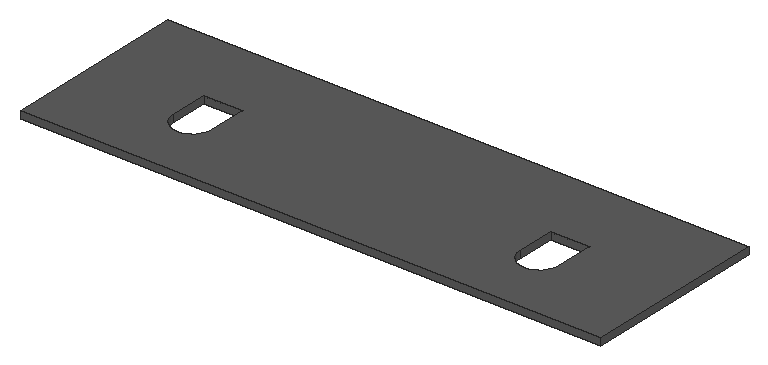
Revit family "Countertop-150cm-WoodenTopCounter-Double-Vitra-OriginSeries-65939+65940+65941", category Furniture Systems, host Face, Revit 2017
Family settings
  Host = Face
  Round Connector Dimension = Use Diameter
  Part Type = Normal
  OmniClass Number = 23.40.00.00
  OmniClass Title = Equipment and Furnishings
  Cut with Voids When Loaded = No
  Shared = Yes
  Room Calculation Point = No
Parameters (values of type "Countertop-150cm-WithDoubleSyphonHole-Vitra-OriginSeries-65939")
  Youtube = "https://www.youtube.com/user/VitrAglobal"
  Weight Net (kg) = ""
  Warranty Period (Year) = "2"
  Uniformat II Description = "INTERIOR FINISHES"
  Uniformat II Code = "C30"
  Uniclass 2015 Name = "Counter tops"
  Uniclass 2015 Code = "Pr_40_30_30_18"
  Uniclass 2.0 Description = "Counter Tops"
  Uniclass 2.0 Code = "PR-35-12-18"
  Uniclass 1.4 Description = "Counters"
  Uniclass 1.4 Code = "L8571"
  URL = "https://vitraglobal.com/"
  UNSPSC Description = ""
  UNSPSC Code = ""
  Technical description = "https://www.vitraglobal.com/pdf/65939/"
  Tap hole Options (default) = ""
  Specification = ""
  Region South America = "All"
  Region Oceania = "All"
  Region North America = "All"
  Region Middle East = "All"
  Region Europe = "All"
  Region Asia = "All"
  Region Antarctica = "All"
  Region Africa = "All"
  Product url = "https://www.vitraglobal.com/bathroom-furniture/counters/standard-workbenches/origin-wooden-top-counter-sku-65939/"
  Product manual = ""
  Product group = "Counters - Standard Workbenches - Wooden Top counter\r\n>"
  Product family = "Origin"
  Product data url = ""
  Product certification = "https://www.vitraglobal.com/brochures/"
  Product SKU = "65939"
  Product Guid = "https://www.vitraglobal.com/uyeIslem/fileDownload.aspx?udkEnc=HBO6wX6Hin91gYPPHdLxALmJ88irwUW6kWslzag79IjuvWUPpCVUjdahthtgzORNAJAtYHyrh6DbV2GK3GOong==&lang=en-US"
  Primary Material = PatternedBlackOak
  OmniClass Description = "Casework Component Work Surfaces"
  OmniClass Code = "23-21 19 17"
  Nominal Width (mm) = 1505 mm
  Nominal Height (mm) = 18 mm
  Nominal Depth (mm) = 480 mm
  NBS Referans Description = "Counter Tops"
  NBS Referans Code = "35-12-18"
  Mounting type = "Top Counter"
  Model = "65939"
  Masterformat 2014 Description = "Countertops"
  Masterformat 2014 Code = "12 36 00"
  Manufacturer name = "VitrA"
  Manufacturer = "VitrA"
  Main Material = "Wooden"
  Installation instructions = "https://www.vitraglobal.com/uyeIslem/fileDownload.aspx?udkEnc=xySValUm0vX/XyQxTV0PEaRnDAF46o4bLkVASMq3XN1X3EkLWyrqRoEOmBFUOOv3S/fH1k8sv/9WR1zIPTsAcQ==&lang=en-US"
  IFC Classification = "Furnishing Element"
  EAN code = ""
  Design country = "Turkey"
  Description = "Origin Wooden Top counter - with double syphon hole - 150cm -  Patterned Black Oak"
  Default Elevation = 850 mm
  Color = "PatternedBlackOak"
  COBIe Type Category = ""
  Brand = "VitrA"
  BIMobject category = "Countertops"
  Article No. (default) = "65939"
  Accessories (default) = ""
Types (3, lengths in mm): name | Technical description | Product url | Product SKU | Product Guid | Primary Material | Model | Installation instructions | Description | Color | Article No. (default)
  Countertop-150cm-WithDoubleSyphonHole-Vitra-OriginSeries-65939 | "https://www.vitraglobal.com/pdf/65939/" | "https://www.vitraglobal.com/bathroom-furniture/counters/standard-workbenches/origin-wooden-top-counter-sku-65939/" | "65939" | "https://www.vitraglobal.com/uyeIslem/fileDownload.aspx?udkEnc=HBO6wX6Hin91gYPPHdLxALmJ88irwUW6kWslzag79IjuvWUPpCVUjdahthtgzORNAJAtYHyrh6DbV2GK3GOong==&lang=en-US" | PatternedBlackOak | "65939" | "https://www.vitraglobal.com/uyeIslem/fileDownload.aspx?udkEnc=xySValUm0vX/XyQxTV0PEaRnDAF46o4bLkVASMq3XN1X3EkLWyrqRoEOmBFUOOv3S/fH1k8sv/9WR1zIPTsAcQ==&lang=en-US" | "Origin Wooden Top counter - with double syphon hole - 150cm -  Patterned Black Oak" | "PatternedBlackOak" | "65939"
  Countertop-150cm-WithDoubleSyphonHole-Vitra-OriginSeries-65940 | "https://www.vitraglobal.com/pdf/65940/" | "https://www.vitraglobal.com/bathroom-furniture/counters/standard-workbenches/origin-wooden-top-counter-sku-65940/" | "65940" | "https://www.vitraglobal.com/uyeIslem/fileDownload.aspx?udkEnc=fFVg1Wk6015Hnu64eGIC/RGmu8W8ObjuPfl19jb7WigoPlXlDrZXtdSkqRdacz27NK1z3/fa0MT2K1HbRrOogg==&lang=en-US" | Elm | "65940" | "https://www.vitraglobal.com/uyeIslem/fileDownload.aspx?udkEnc=lz7BH01XMU1Jw3vvVQxwntGX5C81T2wUIkf7tlUZKeWG1PeT8XzNOGMZpaf79F2MBmOJSKr8DOSL3UEEySVbbQ==&lang=en-US" | "Origin Wooden Top counter - with double syphon hole - 150cm - Elm" | "Elm" | "65940"
  Countertop-150cm-WithDoubleSyphonHole-Vitra-OriginSeries-65941 | "https://www.vitraglobal.com/pdf/65941/" | "https://www.vitraglobal.com/bathroom-furniture/counters/standard-workbenches/origin-wooden-top-counter-sku-65941/" | "65941" | "https://www.vitraglobal.com/uyeIslem/fileDownload.aspx?udkEnc=1zYKoL9QcQ0QByzlSvHUlS5gF1xGjm8Ty9rfplpaBt3lJk33qaL/gT8PtIkXVAok4zk3TB2nZYJ3H9Z4wY3rag==&lang=en-US" | Flat Oak | "65941" | "https://www.vitraglobal.com/uyeIslem/fileDownload.aspx?udkEnc=G74hk1ZIvnf0Hg3SyZ4CmQdFHu1gNlBzP4MGnj3/ak2Jh/F35tGe3kBlQJFxT2A0NBji4e4/kRJfk3VWkg7TsA==&lang=en-US" | "Origin Wooden Top counter - with double syphon hole - 150cm - Flat Oak" | "Flat Oak" | "65941"
Reference planes
  plane 1 "Center (Front/Back)": y = 0
  plane 2: z = 0
  plane 3 "Center (Left/Right)": x = -8.77
  plane 4: y = 240
  plane 5: y = -240
  plane 6: z = -832
  plane 7: z = 18
  plane 8: x = -602.5
  plane 9: x = 902.5
Forms (mm)
  Extrusion 1, solid, detail levels coarse
    sketch origin (0, 0, 0) x (1, 0, 0) y (0, 1, 0)
      loop
        line (902.5, 240) -> (-602.5, 240) -> (-602.5, -240) -> (902.5, -240) -> (902.5, 240)
    from 0 to 18
  Extrusion 2, solid, material "PatternedBlackOak" <- "Primary Material", detail levels medium+fine
    sketch origin (0, 0, 0) x (1, 0, 0) y (0, 1, 0)
      loop
        line (902.5, 240) -> (-602.5, 240) -> (-602.5, -240) -> (902.5, -240) -> (902.5, 240)
      loop
        line (-250, 40) -> (-350, 40) -> (-350, -60)
        arc (-350, -60) -> (-300, -110) -> (-250, -60) r 50
        line (-250, -60) -> (-250, 40)
      loop
        line (550, 40) -> (550, -60)
        arc (550, -60) -> (600, -110) -> (650, -60) r 50
        line (650, -60) -> (650, 40) -> (550, 40)
    from 0 to 18
Dimensions and locks
  "Nominal Depth (mm)": plane 4 to plane 5
  plane 7 to plane 6 = 850 mm
  "Nominal Height (mm)": plane 7 to host face
  "Nominal Width (mm)": plane 8 to plane 9
  aligned and locked: plane 2 to host face
  aligned and locked: level to host face
Automatic sketch dimensions
  host sketch curve to host sketch curve = 2438.4 mm  (x2)
  Extrusion 1 sketch curve to plane 5 = 0 mm
  Extrusion 1 sketch curve to plane 4 = 0 mm
  Extrusion 1 sketch curve to plane 3 "Center (Left/Right)" = 593.73 mm
  plane 3 "Center (Left/Right)" to Extrusion 1 sketch curve = 911.27 mm
  Extrusion 2 sketch curve to plane 4 = 0 mm
  Extrusion 2 sketch curve to plane 8 = 0 mm
  plane 5 to Extrusion 2 sketch curve = 0 mm
  Extrusion 2 sketch curve to plane 9 = 0 mm
  Extrusion 2 sketch curve to plane 1 "Center (Front/Back)" = 40 mm  (x2)
  Extrusion 2 sketch curve to plane 8 = 252.5 mm
  Extrusion 2 sketch curve to Extrusion 2 sketch curve = 50 mm  (x2)
  plane 1 "Center (Front/Back)" to Extrusion 2 sketch curve = 60 mm  (x2)
  plane 9 to Extrusion 2 sketch curve = 352.5 mm
